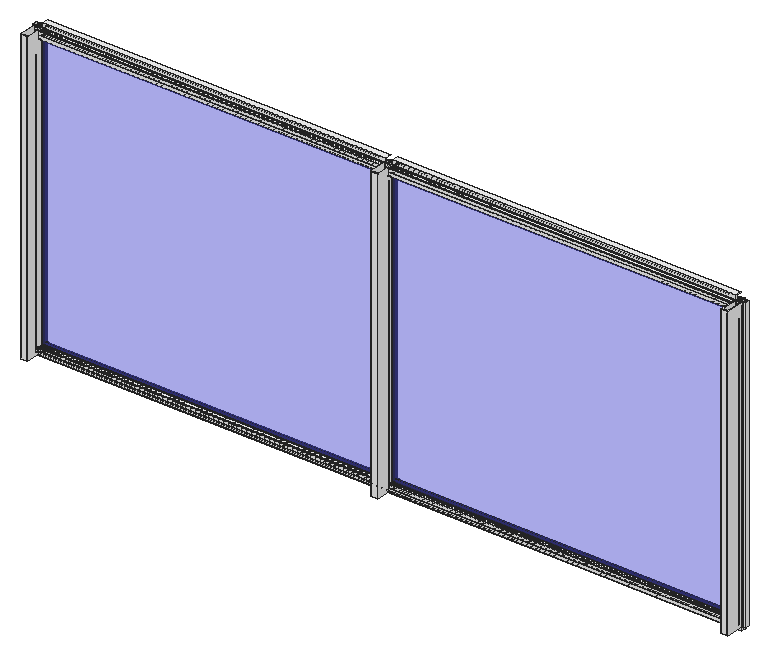
Revit family "Facade_60_Curtain_Wall_E21_Standard", category Windows, host Wall, Revit 2014
Parameters (values of type "F60-E21-6025-2000Pa")
  Windload Design [instance] = if(Custom Windload < 1001 mm, 1000 mm, if(Custom Windload < 1501 mm, 1500 mm, 2000 mm))  # 2000 mm
  Width [instance] = if(Custom Curtain Wall Width < Limit Door Width Min, Limit Door Width Min, if(Custom Curtain Wall Width > Limit Door Width Max, Limit Door Width Max, Custom Curtain Wall Width))  # 5990 mm
  Wall Thickness [instance] = 200 mm
  Vertical Profile Length [instance] = Height - Frame Bottom Gap  # 2460 mm
  URL = "http://www.crealco.co.za/crealco-products.php"
  Type Comments = ""
  Top Profile Overhang = 5.9 mm  # constant formula
  Thermal Resistance (R) [instance] = if(IGDB or SAGDB Number = 100100, 1.0000 (m²·K)/W / Intruderprufe U Value, if(IGDB or SAGDB Number = 100100, 1.0000 (m²·K)/W / Intruderprufe U Value, if(IGDB or SAGDB Number = 105003, 1.0000 (m²·K)/W / Intruderprufe Insulated U Value, if(IGDB or SAGDB Number = 105004, 1.0000 (m²·K)/W / Intruderprufe Insulated LowE U Value, 1.0000 (m²·K)/W / 7.9)))) * 1  # 0.126582 (m²·K)/W
  Thermal Break Material = Plastic, Opaque Black
  Solar Heat Gain Coefficient [instance] = if(IGDB or SAGDB Number = 100100, Intruderprufe SHGC Value, if(IGDB or SAGDB Number = 103200, Intruderprufe LowE SHGC Value, if(IGDB or SAGDB Number = 105003, Intruderprufe Insulated SHGC Value, if(IGDB or SAGDB Number = 105004, Intruderprufe Insulated LowE SHGC Value, 0))))  # 0
  Single Glazing [instance] = if(DG Forced, 1 = 0, not(Double Glazing))  # no
  Sill Height = 85 mm  # constant formula
  SG Forced [instance] = not(DG Forced)  # no
  Quarter Expansion Break = no
  Overall Width [instance] = 5990 mm
  Overall Height [instance] = 2490 mm
  Mullion Side Gap [instance] = (Width / 2) - 30 mm  # 2965 mm
  Mullion Configuration [instance] = if(Windload Design = 1000 mm, if(not(Height > 2490 mm), 1 mm, if(and(not(Height > 4990 mm), not(Width > 1790 mm)), 2 mm, 3 mm)), if(Windload Design = 1500 mm, if(Height > 2490 mm, 3 mm, if(Width > 2990 mm, 2 mm, 1 mm)), if(Height > 2490 mm, 3 mm, if(Width > 1790 mm, 2 mm, 1 mm))))  # 2 mm
  Model = "Façade 60 "  # constant formula
  Max System DG Unit Thickness = 25 mm  # constant formula
  Max System DG One Piece Thickness [instance] = rounddown((Max System DG Unit Thickness - DG Gasket Thickness) / 2 mm) * 1 mm  # 6 mm
  Max Pane Area [instance] = Glazing Width * Glazing Height  # 7.01123 m²
  Manufacturer = "Crealco"  # constant formula
  Limit Door Width Min = (2 * Limit Panel Width Min) + (2 * Glazing Side Gap) + 19.6 mm  # 699.2 mm
  Limit Door Width Max = (2 * Limit Panel Width Max) + (2 * Glazing Side Gap) + 19.6 mm  # 6099.2 mm
  Limit Door Height Min = Limit Panel Height Min + Glazing Top Gap + Glazing Bottom Gap  # 409.6 mm
  Limit Door Height Max = Limit Panel Height Max + Glazing Top Gap + Glazing Bottom Gap  # 6109.6 mm
  Limit Panel Width Min = 300 mm  # constant formula
  Limit Panel Width Max = 3000 mm  # constant formula
  Limit Panel Height Min = 300 mm  # constant formula
  Limit Panel Height Max = 6000 mm  # constant formula
  Sill Length [instance] = Width  # 5990 mm
  Length Sill [instance] = Width  # 5990 mm
  Keynote = ""
  Jamb Width = 60 mm  # constant formula
  Intruderprufe U Value = 5.73
  Intruderprufe SHGC Value = 0.738
  Intruderprufe LowE U Value = 3.99
  Intruderprufe LowE SHGC Value = 0.646
  Intruderprufe Insulated U Value = 2.97
  Intruderprufe Insulated SHGC Value = 0.634
  Intruderprufe Insulated LowE U Value = 2.27
  Intruderprufe Insulated LowE SHGC Value = 0.571
  Horizontal Profile Length [instance] = (Width - (2 * Jamb Width) - 60 mm) / 2  # 2905 mm
  Half Expansion Break = no
  Glazing Width [instance] = Horizontal Profile Length + (2 mm * 20.2)  # 2945.4 mm
  Glazing Top Gap = 39.8 mm  # constant formula
  Glazing Side Gap = 39.8 mm  # constant formula
  Glazing Height [instance] = Height - Glazing Top Gap - Glazing Bottom Gap  # 2380.4 mm
  Glazing Gap SG [instance] = (14 mm - SG Thickness) / 2  # 2 mm
  Glazing Gap DG [instance] = (28 mm - (DG Thickness + DG Thickness + DG Gasket Thickness)) / 2  # 2 mm
  Glazing Bottom Gap = 69.8 mm  # constant formula
  Frame Thickness = 101.8 mm  # constant formula
  Frame Bottom Gap = 30 mm  # constant formula
  Door Leaf Height [instance] = 2050 mm
  Double Glazing [instance] = yes
  DG Thickness Calc [instance] = if(not(Max Pane Area > 1.125 m²), 4 mm, if(not(Max Pane Area > 2.25 m²), 4 mm, if(not(Max Pane Area > 3.15 m²), 5 mm, if(not(Max Pane Area > 4.35 m²), 6 mm, if(not(Max Pane Area > 6.45 m²), 8 mm, 10 mm)))))  # 10 mm
  DG Thickness [instance] = if(IGDB or SAGDB Number = 105003, 6 mm, if(IGDB or SAGDB Number = 105004, 7 mm, if(DG Thickness Calc > Max System DG One Piece Thickness, Max System DG One Piece Thickness, DG Thickness Calc)))  # 6 mm
  DG Gasket Thickness = 12 mm  # constant formula
  DG Gasket Finish [instance] = Double Glazing Gasket Material
  DG Forced [instance] = if(IGDB or SAGDB Number = 100100, 1 = 0, if(IGDB or SAGDB Number = 103200, 1 = 0, if(IGDB or SAGDB Number = 105003, 1 = 1, if(IGDB or SAGDB Number = 105004, 1 = 1, Double Glazing))))  # yes
  IGDB or SAGDB Number [instance] = 0
  Height [instance] = if(Custom Curtain Wall Height < Limit Door Height Min, Limit Door Height Min, if(Custom Curtain Wall Height > Limit Door Height Max, Limit Door Height Max, Custom Curtain Wall Height))  # 2490 mm
  Heat Transfer Coefficient (U) [instance] = if(IGDB or SAGDB Number = 100100, Intruderprufe U Value, if(IGDB or SAGDB Number = 103200, Intruderprufe LowE U Value, if(IGDB or SAGDB Number = 105003, Intruderprufe Insulated U Value, if(IGDB or SAGDB Number = 105004, Intruderprufe Insulated LowE U Value, 7.9)))) * 1.0000 W/(m²·K)  # 7.9000 W/(m²·K)
  SG Thickness [instance] = if(IGDB or SAGDB Number = 100100, 6 mm, if(IGDB or SAGDB Number = 103200, 7 mm, if(not(Max Pane Area > 0.75 m²), 4 mm, if(not(Max Pane Area > 1.50 m²), 4 mm, if(not(Max Pane Area > 2.10 m²), 5 mm, if(not(Max Pane Area > 2.90 m²), 6.4 mm, if(not(Max Pane Area > 4.30 m²), 8 mm, 10 mm)))))))  # 10 mm
  Glazing Material [instance] = if(IGDB or SAGDB Number = 100100, "PFG INTRUDERPRUFE 6.38mm", if(IGDB or SAGDB Number = 103200, "PFG INTRUDERPRUFE LOW-E 7.38mm", if(IGDB or SAGDB Number = 105003, "PFG 25mm INTRUDERPRUFE INSULATED GLASS", if(IGDB or SAGDB Number = 105004, "PFG 25mm INTRUDERPRUFE INSULATED GLASS LOW-E", "Unknown"))))  # "Unknown"
  Glazing Finish [instance] = Glass
  Glazing Code [instance] = if(IGDB or SAGDB Number = 100100, "LAM01", if(IGDB or SAGDB Number = 103200, "LAM01E", if(IGDB or SAGDB Number = 105003, "IGU25", if(IGDB or SAGDB Number = 105004, "IGU25E", "Unknown"))))  # "Unknown"
  Frame Offset From Exterior [instance] = if(Centered In Wall, (Wall Thickness - Frame Thickness) / 2, Custom Offset From Exterior) + 5.9 mm  # 55 mm
  Description = "Curtain wall, E21"  # constant formula
  Default Sill Height = 0 mm
  Wall Closure = By host
  Custom Curtain Wall Width = 5990 mm
  Custom Curtain Wall Height = 2490 mm
  Custom Windload = 2000 mm
  Custom Offset From Exterior = 0 mm
  Centered In Wall [instance] = 1 = 1  # yes
  Aluminium Finish [instance] = White Powder Coated Aluminium ANP 1052
  All Available Glazing Numbers [instance] = "The rows below list the available glazing materials for this window:"  # constant formula
  190mm Mullion [instance] = if(Mullion Configuration = 3 mm, 1 = 1, 1 = 0)  # no
  160mm Mullion [instance] = if(Mullion Configuration = 2 mm, 1 = 1, 1 = 0)  # yes
  105004 [instance] = "IGU25E"  # constant formula
  105003 [instance] = "IGU25"  # constant formula
  103200 [instance] = "LAM01E"  # constant formula
  100mm Mullion [instance] = if(or(Mullion Configuration = 2 mm, Mullion Configuration = 3 mm), 1 = 0, 1 = 1)  # no
  100100 [instance] = "LAM01"  # constant formula
Reference planes
  plane 1 "Center (Front/Back)": y = 0
  plane 2 "Center (Left/Right)": x = 0
  plane 3 "Left": x = -2995
  plane 4 "Right": x = 2995
  plane 5 "Sill": z = 0
  plane 6 "Head": z = 2490
  plane 7 "Exterior": y = 100
  plane 8 "Interior": y = -100
Lines and regions (mm)
  Opening 1
    outline origin (3507.082, -100, 0) x (1, 0, 0) y (0, 0, 1)
      loop
        line (-512.082, 0) -> (-512.082, 2490) -> (-6502.082, 2490) -> (-6502.082, 0) -> (-512.082, 0)
Text (mm)
  text "EXTERIOR" at (-1963.203, 1332.353, 0), in view "Ref. Level"
  text "INTERIOR" at (-1981.466, -818.386, 0), in view "Ref. Level"
  text "Exterior" at (0, 923.751, 2943.296), in view "Right"
  text "Exterior" at (0, 1040.484, 2685.409), in view "Left"
Dimensions and locks
  equal spacing: plane 3 "Left", plane 2 "Center (Left/Right)", plane 4 "Right"
  "Width": plane 3 "Left" to plane 4 "Right"
  "Height": plane 5 "Sill" to plane 6 "Head"
  "Default Sill Height": plane 5 "Sill" to level
  locked: plane 7 "Exterior" to host wall at 0
  locked: plane 8 "Interior" to host wall
  "Overall Height": plane 6 "Head" to plane 5 "Sill"
  "Overall Width": plane 3 "Left" to plane 4 "Right"
  "Wall Thickness": host wall to host wall
  "Jamb Width": nested 3 to plane 4 "Right"
  "Jamb Width": nested 5 to plane 4 "Right"
  "Frame Bottom Gap": nested 5 to level
  "Frame Offset From Exterior": nested 1 to plane 7 "Exterior"
  "Glazing Side Gap": nested 6 to plane 4 "Right"
  "Glazing Top Gap": nested 6 to plane 6 "Head"
  "Glazing Gap SG": nested 6 to nested 1
  "Glazing Side Gap": nested 7 to plane 4 "Right"
  "Glazing Top Gap": nested 7 to plane 6 "Head"
  "Glazing Gap DG": nested 7 to nested 1
  "Mullion Side Gap": nested 8 to plane 4 "Right"
  "Frame Bottom Gap": nested 8 to level
  "Jamb Width": plane 3 "Left" to nested 10
  "Jamb Width": plane 3 "Left" to nested 9
  "Glazing Side Gap": plane 3 "Left" to nested 11
  "Glazing Side Gap": plane 3 "Left" to nested 12
  "Glazing Gap SG": nested 2 to nested 12
  "Glazing Gap DG": nested 2 to nested 11
  "Glazing Bottom Gap": nested 11 to level
  "Glazing Bottom Gap": nested 12 to level
  "Frame Bottom Gap": nested 9 to level
  aligned and locked: plane 4 "Right" to nested 1
  aligned and locked: plane 6 "Head" to nested 1
  aligned and locked: plane 3 "Left" to nested 2
  aligned and locked: plane 6 "Head" to nested 2
  aligned and locked: nested 3 to plane 6 "Head"
  aligned and locked: nested 4 to level
  aligned and locked: plane 4 "Right" to nested 4
  aligned and locked: nested 1 to nested 2
  aligned and locked: nested 5 to nested 4
  aligned and locked: nested 8 to nested 2
  aligned and locked: nested 10 to plane 6 "Head"
  aligned and locked: nested 5 to nested 10
  aligned and locked: nested 5 to nested 9
  aligned and locked: nested 10 to nested 3
  aligned and locked: nested 10 to nested 2
Automatic sketch dimensions
  plane 3 "Left" to Opening 1 sketch curve = 0 mm
  plane 4 "Right" to Opening 1 sketch curve = 0 mm
  Opening 1 sketch curve to plane 5 "Sill" = 0 mm
  Opening 1 sketch curve to plane 6 "Head" = 0 mm
Nested families
  nested 1: "F60 Vertical Profile Side_E21_Std" at (2995, -1.058, 30) x (-1, 0, 0) z (0, 0, 1), Thermal Break Material <- "Thermal Break Material", Profile Material <- "Aluminium Finish", Length <- "Vertical Profile Length", Single Glazing <- "SG Forced", Double Glazing <- "DG Forced", 100mm Mullion <- "100mm Mullion", 160mm Mullion <- "160mm Mullion", 190mm Mullion <- "190mm Mullion", Quarter Expansion Break <- "Quarter Expansion Break", Half Expansion Break <- "Half Expansion Break", type "F60 Vertical Profile Side_E21_Std"
    with Thermal Break Material Plastic, Opaque Black, Single Glazing no, Quarter SG Expansion Break no, Quarter Length 615 mm, Quarter Expansion Break no, Quarter DG Expansion Break no, Quarter 190mm Expansion Break no, Quarter 160mm Expansion Break no, Quarter 100mm Expansion Break no, Profile Material White Powder Coated Aluminium ANP 1052, Length 2460 mm, Half SG Expansion Break no, Half Length 1230 mm, Half Expansion Break no, Half DG Expansion Break no, Half 190mm Expansion Joint no, Half 160mm Expansion Break no, Half 100mm Expansion Break no, Double Glazing yes, 190mm Mullion no, 160mm Mullion yes, 100mm Mullion no
  nested 2: "F60 Vertical Profile Side_E21_Std" at (-2995, -1.058, 30), Thermal Break Material <- "Thermal Break Material", Profile Material <- "Aluminium Finish", Length <- "Vertical Profile Length", Single Glazing <- "SG Forced", Double Glazing <- "DG Forced", 100mm Mullion <- "100mm Mullion", 160mm Mullion <- "160mm Mullion", 190mm Mullion <- "190mm Mullion", Quarter Expansion Break <- "Quarter Expansion Break", Half Expansion Break <- "Half Expansion Break", type "F60 Vertical Profile Side_E21_Std"
    with Thermal Break Material Plastic, Opaque Black, Single Glazing no, Quarter SG Expansion Break no, Quarter Length 615 mm, Quarter Expansion Break no, Quarter DG Expansion Break no, Quarter 190mm Expansion Break no, Quarter 160mm Expansion Break no, Quarter 100mm Expansion Break no, Profile Material White Powder Coated Aluminium ANP 1052, Length 2460 mm, Half SG Expansion Break no, Half Length 1230 mm, Half Expansion Break no, Half DG Expansion Break no, Half 190mm Expansion Joint no, Half 160mm Expansion Break no, Half 100mm Expansion Break no, Double Glazing yes, 190mm Mullion no, 160mm Mullion yes, 100mm Mullion no
  nested 3: "F60 Horizontal Profile Top_E21_Std" at (2935, -50.858, 2430) x (-1, 0, 0) z (0, 0, 1), Thermal Break Material <- "Thermal Break Material", Profile Material <- "Aluminium Finish", Length <- "Horizontal Profile Length", Single Glazing <- "SG Forced", Double Glazing <- "DG Forced", type "F60 Horizontal Profile Top_E21_Std"
    with Thermal Break Material Plastic, Opaque Black, Single Glazing no, Profile Material White Powder Coated Aluminium ANP 1052, Length 2905 mm, Double Glazing yes
  nested 4: "F60 Sill_E21_Std" at (2995, -13.486, -1.88) x (-1, 0, 0) z (0, 0, 1), Profile Material <- "Aluminium Finish", Length Sill <- "Length Sill", type "F60 Sill_E21_Std"
    with Profile Material White Powder Coated Aluminium ANP 1052, Length Sill 5990 mm
  nested 5: "F60 Horizontal Profile Bottom_E21_Std" at (2935, -50.858, 30) x (-1, 0, 0) z (0, 0, 1), Thermal Break Material <- "Thermal Break Material", Profile Material <- "Aluminium Finish", Length <- "Horizontal Profile Length", Single Glazing <- "SG Forced", Double Glazing <- "DG Forced", type "F60 Horizontal Profile Bottom_E21_Std"
    with Thermal Break Material Plastic, Opaque Black, Single Glazing no, Profile Material White Powder Coated Aluminium ANP 1052, Length 2905 mm, Double Glazing yes
  nested 6: "F60_Single_Glazing_E21_Std" at (2955.2, 10.942, 69.8), Glazing Width <- "Glazing Width", Glazing Height <- "Glazing Height", SG Thickness <- "SG Thickness", Glazing Finish <- "Glazing Finish", visible <- "SG Forced", type "F60_Single_Glazing_E21_Std"
    with SG Thickness 10 mm, Glazing Width 2945.4 mm, Glazing Height 2380.4 mm, Glazing Finish Glass
  nested 7: "F60_Double_Glazing_E21_Std" at (2955.2, 24.942, 69.8), Glazing Material <- "Glazing Finish", Double Glazing Gasket Material <- "DG Gasket Finish", Glazing Width <- "Glazing Width", Glazing Height <- "Glazing Height", Glazing Thickness DG <- "DG Thickness", Double Glazing Gasket Thickness <- "DG Gasket Thickness", visible <- "DG Forced", type "F60_Double_Glazing_E21_Std"
    with Glazing Width 2945.4 mm, Glazing Thickness DG 6 mm, Glazing Material Glass, Glazing Height 2380.4 mm, Double Glazing Gasket Thickness 12 mm, Double Glazing Gasket Material Double Glazing Gasket Material
  nested 8: "F60 Vertical Profile Middle_E21_Std" at (30, -1.058, 30) x (-1, 0, 0) z (0, 0, 1), Thermal Break Material <- "Thermal Break Material", Profile Material <- "Aluminium Finish", Single Glazing <- "SG Forced", Double Glazing <- "DG Forced", 190mm Mullion <- "190mm Mullion", 160mm Mullion <- "160mm Mullion", 100mm Mullion <- "100mm Mullion", Length <- "Vertical Profile Length", Half Expansion Break <- "Half Expansion Break", Quarter Expansion Break <- "Quarter Expansion Break", type "F60 Vertical Profile Middle_E21_Std"
    with Thermal Break Material Plastic, Opaque Black, Single Glazing no, Quarter SG Expansion Break no, Quarter Length 615 mm, Quarter Expansion Break no, Quarter DG Expansion Break no, Quarter 190mm Expansion Break no, Quarter 160mm Expansion Break no, Quarter 100mm Expansion Break no, Profile Material White Powder Coated Aluminium ANP 1052, Length 2460 mm, Half SG Expansion Break no, Half Length 1230 mm, Half Expansion Break no, Half DG Expansion Break no, Half 190mm Expansion Joint no, Half 160mm Expansion Break no, Half 100mm Expansion Break no, Double Glazing yes, 190mm Mullion no, 160mm Mullion yes, 100mm Mullion no
  nested 9: "F60 Horizontal Profile Bottom_E21_Std" at (-30, -50.858, 30) x (-1, 0, 0) z (0, 0, 1), Thermal Break Material <- "Thermal Break Material", Profile Material <- "Aluminium Finish", Length <- "Horizontal Profile Length", Single Glazing <- "SG Forced", Double Glazing <- "DG Forced", type "F60 Horizontal Profile Bottom_E21_Std"
    with Thermal Break Material Plastic, Opaque Black, Single Glazing no, Profile Material White Powder Coated Aluminium ANP 1052, Length 2905 mm, Double Glazing yes
  nested 10: "F60 Horizontal Profile Top_E21_Std" at (-30, -50.858, 2430) x (-1, 0, 0) z (0, 0, 1), Thermal Break Material <- "Thermal Break Material", Profile Material <- "Aluminium Finish", Length <- "Horizontal Profile Length", Single Glazing <- "SG Forced", Double Glazing <- "DG Forced", type "F60 Horizontal Profile Top_E21_Std"
    with Thermal Break Material Plastic, Opaque Black, Single Glazing no, Profile Material White Powder Coated Aluminium ANP 1052, Length 2905 mm, Double Glazing yes
  nested 11: "F60_Double_Glazing_E21_Std" at (-9.8, 24.942, 69.8), Glazing Material <- "Glazing Finish", Double Glazing Gasket Material <- "DG Gasket Finish", Glazing Width <- "Glazing Width", Glazing Height <- "Glazing Height", Glazing Thickness DG <- "DG Thickness", Double Glazing Gasket Thickness <- "DG Gasket Thickness", visible <- "DG Forced", type "F60_Double_Glazing_E21_Std"
    with Glazing Width 2945.4 mm, Glazing Thickness DG 6 mm, Glazing Material Glass, Glazing Height 2380.4 mm, Double Glazing Gasket Thickness 12 mm, Double Glazing Gasket Material Double Glazing Gasket Material
  nested 12: "F60_Single_Glazing_E21_Std" at (-9.8, 10.942, 69.8), Glazing Width <- "Glazing Width", Glazing Height <- "Glazing Height", SG Thickness <- "SG Thickness", Glazing Finish <- "Glazing Finish", visible <- "SG Forced", type "F60_Single_Glazing_E21_Std"
    with SG Thickness 10 mm, Glazing Width 2945.4 mm, Glazing Height 2380.4 mm, Glazing Finish Glass
Definition of nested family "F60 Vertical Profile Side_E21_Std"
  Parameters (values of type "F60 Vertical Profile Side")
    Quarter SG Expansion Break [instance] = if(and(Quarter Expansion Break, Single Glazing), 1 = 1, 1 = 0)  # yes
    Quarter Length [instance] = Length / 4  # 62.5 mm
    Thermal Break Material [instance] = none
    Single Glazing [instance] = yes
    Quarter Expansion Break [instance] = yes
    Quarter DG Expansion Break [instance] = if(and(Quarter Expansion Break, Double Glazing), 1 = 1, 1 = 0)  # yes
    Quarter 190mm Expansion Break [instance] = if(and(Quarter Expansion Break, [190mm Mullion]), 1 = 1, 1 = 0)  # yes
    Quarter 160mm Expansion Break [instance] = if(and(Quarter Expansion Break, [160mm Mullion]), 1 = 1, 1 = 0)  # yes
    Quarter 100mm Expansion Break [instance] = if(and(Quarter Expansion Break, [100mm Mullion]), 1 = 1, 1 = 0)  # yes
    Profile Material [instance] = none
    Length [instance] = 250 mm
    Half SG Expansion Break [instance] = if(and(Half Expansion Break, Single Glazing), 1 = 1, 1 = 0)  # yes
    Half Length [instance] = Length / 2  # 125 mm
    Half Expansion Break [instance] = yes
    Half DG Expansion Break [instance] = if(and(Half Expansion Break, Double Glazing), 1 = 1, 1 = 0)  # yes
    Half 190mm Expansion Joint [instance] = if(and(Half Expansion Break, [190mm Mullion]), 1 = 1, 1 = 0)  # yes
    Half 160mm Expansion Break [instance] = if(and(Half Expansion Break, [160mm Mullion]), 1 = 1, 1 = 0)  # yes
    Half 100mm Expansion Break [instance] = if(and(Half Expansion Break, [100mm Mullion]), 1 = 1, 1 = 0)  # yes
    Double Glazing [instance] = yes
    190mm Mullion [instance] = yes
    160mm Mullion [instance] = yes
    100mm Mullion [instance] = yes
  Reference planes
    plane 1 "Center (Front/Back)": y = 0
    plane 2: z = 0
    plane 3 "Center (Left/Right)": x = 0
  Forms (mm)
    Extrusion 1, solid, material <- "Profile Material"
      sketch origin (0, 0, 0) x (1, 0, 0) y (0, 1, 0)
        loop
          arc (25.249, -8.7) -> (25.484, -9.266) -> (26.049, -9.5) r 0.8
          line (26.049, -9.5) -> (27.1, -9.5) -> (27.1, 7) -> (32.902, 7) -> (32.902, -9.5) -> (33.951, -9.5)
          arc (33.951, -9.5) -> (34.516, -9.266) -> (34.751, -8.7) r 0.8
          line (34.751, -8.7) -> (34.751, 6.2)
          arc (34.751, 6.2) -> (34.985, 6.766) -> (35.551, 7) r 0.8
          line (35.551, 7) -> (52.1, 7) -> (52.1, 5.4) -> (50.55, 5.4) -> (50.55, 4.55)
          arc (50.55, 4.55) -> (50.726, 4.126) -> (51.15, 3.95) r 0.6
          line (51.15, 3.95) -> (52.1, 3.95) -> (52.1, 1)
          arc (52.1, 1) -> (51.6, 0.5) -> (52.1, 0) r 0.5
          line (52.1, 0) -> (54.45, 0) -> (54.45, 1.15) -> (53.3, 1.15) -> (53.3, 2.45) -> (58.8, 2.45) -> (58.8, 1.15) -> (57.65, 1.15) -> (57.65, 0) -> (59.5, 0)
          arc (59.5, 0) -> (59.854, 0.146) -> (60, 0.5) r 0.5
          line (60, 0.5) -> (60, 3.9) -> (53.55, 3.9) -> (53.55, 7.6)
          arc (53.55, 7.6) -> (53.316, 8.166) -> (52.75, 8.4) r 0.8
          line (52.75, 8.4) -> (30, 8.4) -> (7.25, 8.4)
          arc (7.25, 8.4) -> (6.684, 8.166) -> (6.45, 7.6) r 0.8
          line (6.45, 7.6) -> (6.45, 3.9) -> (0, 3.9) -> (0, 0.5)
          arc (0, 0.5) -> (0.146, 0.146) -> (0.5, 0) r 0.5
          line (0.5, 0) -> (2.35, 0) -> (2.35, 1.15) -> (1.2, 1.15) -> (1.2, 2.45) -> (6.7, 2.45) -> (6.7, 1.15) -> (5.55, 1.15) -> (5.55, 0) -> (7.9, 0)
          arc (7.9, 0) -> (8.4, 0.5) -> (7.9, 1) r 0.5
          line (7.9, 1) -> (7.9, 3.95) -> (8.85, 3.95)
          arc (8.85, 3.95) -> (9.274, 4.126) -> (9.45, 4.55) r 0.6
          line (9.45, 4.55) -> (9.45, 5.4) -> (7.9, 5.4) -> (7.9, 7) -> (24.449, 7)
          arc (24.449, 7) -> (25.015, 6.766) -> (25.249, 6.2) r 0.8
          line (25.249, 6.2) -> (25.249, -8.7)
      from 0 to 250 <- "Length"
    Extrusion 2, solid, material <- "Thermal Break Material"
      sketch origin (0, 0, 0) x (1, 0, 0) y (0, 1, 0)
        loop
          line (1.75, 9.8) -> (1.75, 5.2) -> (0, 5.2) -> (0, 3.9) -> (6.35, 3.9) -> (6.35, 7.856)
          arc (6.35, 7.856) -> (6.526, 8.281) -> (6.95, 8.456) r 0.6
          line (6.95, 8.456) -> (30, 8.456) -> (53.05, 8.456)
          arc (53.05, 8.456) -> (53.474, 8.281) -> (53.65, 7.856) r 0.6
          line (53.65, 7.856) -> (53.65, 3.9) -> (60, 3.9) -> (60, 5.2) -> (58.25, 5.2) -> (58.25, 9.8) -> (30, 9.8) -> (1.75, 9.8)
      from 0 to 250 <- "Length"
    Extrusion 3, solid, material <- "Thermal Break Material", visible <- "Single Glazing"
      sketch origin (0, 0, 0) x (1, 0, 0) y (0, 1, 0)
        loop
          line (25.749, -14.011) -> (27.672, -14.011) -> (28.481, -12.611) -> (31.518, -12.611) -> (32.327, -14.011) -> (34.249, -14.011)
          arc (34.249, -14.011) -> (34.603, -13.864) -> (34.749, -13.511) r 0.5
          line (34.749, -13.511) -> (34.749, -10.011)
          arc (34.749, -10.011) -> (34.603, -9.657) -> (34.249, -9.511) r 0.5
          line (34.249, -9.511) -> (32.352, -9.511) -> (32.352, 0.19) -> (31.349, 2.261)
          arc (31.349, 2.261) -> (29.999, 2.986) -> (28.649, 2.261) r 1.62
          line (28.649, 2.261) -> (27.647, 0.19) -> (27.647, -9.511) -> (25.749, -9.511)
          arc (25.749, -9.511) -> (25.396, -9.657) -> (25.249, -10.011) r 0.5
          line (25.249, -10.011) -> (25.249, -13.511)
          arc (25.249, -13.511) -> (25.396, -13.864) -> (25.749, -14.011) r 0.5
        loop
          line (28.504, -10.005) -> (28.504, -10.861)
          arc (28.504, -10.861) -> (28.651, -11.214) -> (29.004, -11.361) r 0.5
          line (29.004, -11.361) -> (30.994, -11.361)
          arc (30.994, -11.361) -> (31.348, -11.214) -> (31.494, -10.861) r 0.5
          line (31.494, -10.861) -> (31.494, -10.005) -> (30.708, -9.219)
          arc (30.708, -9.219) -> (30.383, -9.001) -> (29.999, -8.924) r 1.007
          arc (29.999, -8.924) -> (29.616, -8.999) -> (29.292, -9.217) r 0.986
          line (29.292, -9.217) -> (28.504, -10.005)
        loop
          arc (30.896, 1.935) -> (29.887, 2.44) -> (29.005, 1.735) r 1.047
          line (29.005, 1.735) -> (28.347, 0.374) -> (28.347, -6.993)
          arc (28.347, -6.993) -> (28.583, -7.417) -> (29.068, -7.441) r 0.5
          arc (29.068, -7.441) -> (29.999, -7.223) -> (30.93, -7.441) r 2.099
          arc (30.93, -7.441) -> (31.416, -7.417) -> (31.652, -6.993) r 0.5
          line (31.652, -6.993) -> (31.652, 0.374) -> (30.896, 1.935)
      from 0 to 250 <- "Length"
    Extrusion 4, solid, material <- "Profile Material", visible <- "Single Glazing"
      sketch origin (0, 0, 0) x (1, 0, 0) y (0, 1, 0)
        loop
          line (52.693, -14.011) -> (32.327, -14.011) -> (31.519, -12.611) -> (28.481, -12.611) -> (27.673, -14.011) -> (7.307, -14.011) -> (7.307, -15.011) -> (8.457, -15.011) -> (8.457, -16.261) -> (2.957, -16.261) -> (2.957, -15.011) -> (4.107, -15.011) -> (4.107, -14.011) -> (1.707, -14.011)
          arc (1.707, -14.011) -> (1.199, -14.293) -> (1.168, -14.873) r 0.6
          line (1.168, -14.873) -> (2.093, -16.772) -> (1.015, -17.298) -> (1.484, -18.261) -> (11.488, -18.261)
          arc (11.488, -18.261) -> (11.913, -18.085) -> (12.088, -17.661) r 0.6
          line (12.088, -17.661) -> (12.088, -16.811) -> (47.912, -16.811) -> (47.912, -17.661)
          arc (47.912, -17.661) -> (48.088, -18.085) -> (48.512, -18.261) r 0.6
          line (48.512, -18.261) -> (58.518, -18.261) -> (58.987, -17.298) -> (57.908, -16.772) -> (58.834, -14.874)
          arc (58.834, -14.874) -> (58.802, -14.293) -> (58.293, -14.011) r 0.6
          line (58.293, -14.011) -> (55.893, -14.011) -> (55.893, -15.011) -> (57.043, -15.011) -> (57.043, -16.261) -> (51.543, -16.261) -> (51.543, -15.011) -> (52.693, -15.011) -> (52.693, -14.011)
      from 0 to 250 <- "Length"
    Extrusion 5, solid, material <- "Profile Material", visible <- "Single Glazing"
      sketch origin (0, 0, 0) x (1, 0, 0) y (0, 1, 0)
        loop
          line (2.801, -18.261) -> (1.484, -18.261) -> (1.015, -17.298) -> (2.093, -16.772) -> (0.779, -14.076)
          arc (0.779, -14.076) -> (0.239, -14.21) -> (0.001, -14.713) r 0.65
          line (0.001, -14.713) -> (0.001, -28.068)
          arc (0.001, -28.068) -> (1.172, -30.897) -> (4.001, -32.068) r 4
          line (4.001, -32.068) -> (30.001, -32.068) -> (56.001, -32.068)
          arc (56.001, -32.068) -> (58.829, -30.897) -> (60.001, -28.068) r 4
          line (60.001, -28.068) -> (60.001, -14.713)
          arc (60.001, -14.713) -> (59.763, -14.21) -> (59.223, -14.076) r 0.65
          line (59.223, -14.076) -> (57.908, -16.772) -> (58.987, -17.298) -> (58.518, -18.261) -> (57.201, -18.261)
          arc (57.201, -18.261) -> (56.83, -18.425) -> (56.703, -18.811) r 0.5
          arc (56.703, -18.811) -> (56.83, -19.196) -> (57.201, -19.361) r 0.5
          line (57.201, -19.361) -> (58.951, -19.361) -> (58.951, -27.968)
          arc (58.951, -27.968) -> (58.131, -29.948) -> (56.151, -30.768) r 2.8
          line (56.151, -30.768) -> (30.001, -30.768) -> (3.851, -30.768)
          arc (3.851, -30.768) -> (1.871, -29.948) -> (1.051, -27.968) r 2.8
          line (1.051, -27.968) -> (1.051, -19.361) -> (2.801, -19.361)
          arc (2.801, -19.361) -> (3.172, -19.196) -> (3.298, -18.811) r 0.5
          arc (3.298, -18.811) -> (3.172, -18.425) -> (2.801, -18.261) r 0.5
      from 0 to 250 <- "Length"
    Extrusion 6, solid, material <- "Profile Material", visible <- "100mm Mullion"
      sketch origin (0, 0, 0) x (1, 0, 0) y (0, 1, 0)
        loop
          line (14.02, 13) -> (45.98, 13)
          arc (45.98, 13) -> (46.539, 12.842) -> (46.917, 12.4) r 1
          arc (46.917, 12.4) -> (47.285, 11.963) -> (47.833, 11.8) r 1
          line (47.833, 11.8) -> (58.15, 11.8) -> (58.15, 96.3) -> (47.833, 96.3)
          arc (47.833, 96.3) -> (47.285, 96.137) -> (46.917, 95.7) r 1
          arc (46.917, 95.7) -> (46.548, 95.263) -> (46, 95.1) r 1
          line (46, 95.1) -> (14, 95.1)
          arc (14, 95.1) -> (13.452, 95.263) -> (13.083, 95.7) r 1
          arc (13.083, 95.7) -> (12.715, 96.137) -> (12.167, 96.3) r 1
          line (12.167, 96.3) -> (1.85, 96.3) -> (1.85, 11.8) -> (12.167, 11.8)
          arc (12.167, 11.8) -> (12.715, 11.963) -> (13.083, 12.4) r 1
          arc (13.083, 12.4) -> (13.461, 12.842) -> (14.02, 13) r 1
        loop
          line (1.65, 9.856) -> (58.35, 9.856) -> (58.35, 5.2) -> (60, 5.2) -> (60, 98.8)
          arc (60, 98.8) -> (59.707, 99.507) -> (59, 99.8) r 1
          line (59, 99.8) -> (1, 99.8)
          arc (1, 99.8) -> (0.293, 99.507) -> (0, 98.8) r 1
          line (0, 98.8) -> (0, 5.2) -> (1.65, 5.2) -> (1.65, 9.856)
      from 0 to 250 <- "Length"
    Extrusion 7, solid, material <- "Profile Material", visible <- "160mm Mullion"
      sketch origin (0, 0, 0) x (1, 0, 0) y (0, 1, 0)
        loop
          arc (2.35, 15.6) -> (2.526, 15.176) -> (2.95, 15) r 0.6
          line (2.95, 15) -> (57.05, 15)
          arc (57.05, 15) -> (57.474, 15.176) -> (57.65, 15.6) r 0.6
          line (57.65, 15.6) -> (57.65, 153.7)
          arc (57.65, 153.7) -> (57.474, 154.124) -> (57.05, 154.3) r 0.6
          line (57.05, 154.3) -> (47.833, 154.3)
          arc (47.833, 154.3) -> (47.285, 154.137) -> (46.917, 153.7) r 1
          arc (46.917, 153.7) -> (46.548, 153.263) -> (46, 153.1) r 1
          line (46, 153.1) -> (14, 153.1)
          arc (14, 153.1) -> (13.452, 153.263) -> (13.083, 153.7) r 1
          arc (13.083, 153.7) -> (12.715, 154.137) -> (12.167, 154.3) r 1
          line (12.167, 154.3) -> (2.95, 154.3)
          arc (2.95, 154.3) -> (2.526, 154.124) -> (2.35, 153.7) r 0.6
          line (2.35, 153.7) -> (2.35, 15.6)
        loop
          arc (1, 159.8) -> (0.293, 159.507) -> (0, 158.8) r 1
          line (0, 158.8) -> (0, 5.2) -> (1.65, 5.2) -> (1.65, 10.013) -> (58.35, 10.013) -> (58.35, 5.2) -> (60, 5.2) -> (60, 158.8)
          arc (60, 158.8) -> (59.707, 159.507) -> (59, 159.8) r 1
          line (59, 159.8) -> (1, 159.8)
      from 0 to 250 <- "Length"
    Extrusion 8, solid, material <- "Profile Material", visible <- "190mm Mullion"
      sketch origin (0, 0, 0) x (1, 0, 0) y (0, 1, 0)
        loop
          line (57.25, 15.1) -> (57.25, 178.3)
          arc (57.25, 178.3) -> (56.957, 179.007) -> (56.25, 179.3) r 1
          line (56.25, 179.3) -> (3.75, 179.3)
          arc (3.75, 179.3) -> (3.043, 179.007) -> (2.75, 178.3) r 1
          line (2.75, 178.3) -> (2.75, 15.1)
          arc (2.75, 15.1) -> (2.984, 14.534) -> (3.55, 14.3) r 0.8
          line (3.55, 14.3) -> (56.45, 14.3)
          arc (56.45, 14.3) -> (57.016, 14.534) -> (57.25, 15.1) r 0.8
        loop
          line (60, 5.2) -> (60, 188.8)
          arc (60, 188.8) -> (59.707, 189.507) -> (59, 189.8) r 1
          line (59, 189.8) -> (1, 189.8)
          arc (1, 189.8) -> (0.293, 189.507) -> (0, 188.8) r 1
          line (0, 188.8) -> (0, 5.2) -> (1.65, 5.2) -> (1.65, 9.856) -> (58.35, 9.856) -> (58.35, 5.2) -> (60, 5.2)
      from 0 to 250 <- "Length"
    Extrusion 9, solid, material <- "Thermal Break Material", visible <- "Double Glazing"
      sketch origin (0, 0, 0) x (1, 0, 0) y (0, 1, 0)
        loop
          line (27.672, -28) -> (28.48, -26.6) -> (31.518, -26.6) -> (32.326, -28) -> (34.249, -28)
          arc (34.249, -28) -> (34.603, -27.854) -> (34.749, -27.5) r 0.5
          line (34.749, -27.5) -> (34.749, -10)
          arc (34.749, -10) -> (34.603, -9.646) -> (34.249, -9.5) r 0.5
          line (34.249, -9.5) -> (32.352, -9.5) -> (32.352, 0.198) -> (31.348, 2.272)
          arc (31.348, 2.272) -> (29.998, 2.997) -> (28.648, 2.272) r 1.62
          line (28.648, 2.272) -> (27.645, 0.201) -> (27.645, -9.5) -> (25.749, -9.5)
          arc (25.749, -9.5) -> (25.396, -9.646) -> (25.249, -10) r 0.5
          line (25.249, -10) -> (25.249, -27.5)
          arc (25.249, -27.5) -> (25.396, -27.854) -> (25.749, -28) r 0.5
          line (25.749, -28) -> (27.672, -28)
        loop
          arc (30.706, -9.206) -> (30.382, -8.99) -> (29.999, -8.913) r 1.007
          arc (29.999, -8.913) -> (29.616, -8.988) -> (29.292, -9.206) r 0.986
          line (29.292, -9.206) -> (27.142, -11.356)
          arc (27.142, -11.356) -> (26.926, -11.68) -> (26.849, -12.063) r 1
          line (26.849, -12.063) -> (26.849, -24)
          arc (26.849, -24) -> (27.142, -24.707) -> (27.849, -25) r 1
          line (27.849, -25) -> (32.149, -25)
          arc (32.149, -25) -> (32.856, -24.707) -> (33.149, -24) r 1
          line (33.149, -24) -> (33.149, -12.063)
          arc (33.149, -12.063) -> (33.073, -11.68) -> (32.856, -11.356) r 1
          line (32.856, -11.356) -> (30.706, -9.206)
        loop
          arc (28.345, -6.982) -> (28.581, -7.407) -> (29.067, -7.43) r 0.5
          arc (29.067, -7.43) -> (29.998, -7.213) -> (30.929, -7.43) r 2.099
          arc (30.929, -7.43) -> (31.414, -7.407) -> (31.651, -6.982) r 0.5
          line (31.651, -6.982) -> (31.651, 0.385) -> (30.895, 1.946)
          arc (30.895, 1.946) -> (29.885, 2.45) -> (29.004, 1.745) r 1.047
          line (29.004, 1.745) -> (28.345, 0.385) -> (28.345, -6.982)
      from 0 to 250 <- "Length"
    Extrusion 10, solid, material <- "Profile Material", visible <- "Double Glazing"
      sketch origin (0, 0, 0) x (1, 0, 0) y (0, 1, 0)
        loop
          line (52.692, -28) -> (32.327, -28) -> (31.518, -26.6) -> (28.48, -26.6) -> (27.672, -28) -> (7.306, -28) -> (7.306, -29) -> (8.456, -29) -> (8.456, -30.25) -> (2.956, -30.25) -> (2.956, -29) -> (4.106, -29) -> (4.106, -28) -> (1.706, -28)
          arc (1.706, -28) -> (1.198, -28.282) -> (1.167, -28.863) r 0.6
          line (1.167, -28.863) -> (2.093, -30.762) -> (1.014, -31.288) -> (1.483, -32.25) -> (11.488, -32.25)
          arc (11.488, -32.25) -> (11.912, -32.074) -> (12.088, -31.65) r 0.6
          line (12.088, -31.65) -> (12.088, -30.8) -> (47.911, -30.8) -> (47.911, -31.65)
          arc (47.911, -31.65) -> (48.087, -32.074) -> (48.511, -32.25) r 0.6
          line (48.511, -32.25) -> (58.517, -32.25) -> (58.986, -31.288) -> (57.907, -30.762) -> (58.833, -28.864)
          arc (58.833, -28.864) -> (58.801, -28.282) -> (58.292, -28) r 0.6
          line (58.292, -28) -> (55.892, -28) -> (55.892, -29) -> (57.042, -29) -> (57.042, -30.25) -> (51.542, -30.25) -> (51.542, -29) -> (52.692, -29) -> (52.692, -28)
      from 0 to 250 <- "Length"
    Extrusion 11, solid, material <- "Profile Material", visible <- "Double Glazing"
      sketch origin (0, 0, 0) x (1, 0, 0) y (0, 1, 0)
        loop
          line (2.8, -32.25) -> (1.483, -32.25) -> (1.014, -31.288) -> (2.093, -30.762) -> (0.778, -28.065)
          arc (0.778, -28.065) -> (0.238, -28.2) -> (0, -28.702) r 0.65
          line (0, -28.702) -> (0, -42.058)
          arc (0, -42.058) -> (1.172, -44.886) -> (4, -46.058) r 4
          line (4, -46.058) -> (30, -46.058) -> (56, -46.058)
          arc (56, -46.058) -> (58.828, -44.886) -> (60, -42.058) r 4
          line (60, -42.058) -> (60, -28.702)
          arc (60, -28.702) -> (59.762, -28.2) -> (59.222, -28.065) r 0.65
          line (59.222, -28.065) -> (57.907, -30.762) -> (58.986, -31.288) -> (58.517, -32.25) -> (57.2, -32.25)
          arc (57.2, -32.25) -> (56.829, -32.415) -> (56.703, -32.8) r 0.5
          arc (56.703, -32.8) -> (56.829, -33.185) -> (57.2, -33.35) r 0.5
          line (57.2, -33.35) -> (58.95, -33.35) -> (58.95, -41.958)
          arc (58.95, -41.958) -> (58.13, -43.938) -> (56.15, -44.758) r 2.8
          line (56.15, -44.758) -> (30, -44.758) -> (3.85, -44.758)
          arc (3.85, -44.758) -> (1.87, -43.938) -> (1.05, -41.958) r 2.8
          line (1.05, -41.958) -> (1.05, -33.35) -> (2.8, -33.35)
          arc (2.8, -33.35) -> (3.171, -33.185) -> (3.297, -32.8) r 0.5
          arc (3.297, -32.8) -> (3.171, -32.415) -> (2.8, -32.25) r 0.5
      from 0 to 250 <- "Length"
    Extrusion 12, solid, material <- "Profile Material", visible <- "Single Glazing"
      sketch origin (0, 0, 0) x (1, 0, 0) y (0, 1, 0)
        loop
          line (10.403, -10.171) -> (10.403, -3.821) -> (-21.349, -3.821) -> (-21.349, -35.567) -> (-14.999, -35.567) -> (-14.999, -10.171) -> (10.403, -10.171)
      from 0 to 250 <- "Length"
    Extrusion 13, solid, material <- "Profile Material", visible <- "Double Glazing"
      sketch origin (0, 0, 0) x (1, 0, 0) y (0, 1, 0)
        loop
          line (10.402, -7.775) -> (10.402, -1.425) -> (-21.35, -1.425) -> (-21.35, -33.172) -> (-15, -33.172) -> (-15, -7.775) -> (10.402, -7.775)
      from 0 to 250 <- "Length"
    Extrusion 14, solid, material <- "Profile Material", visible <- "Double Glazing"
      sketch origin (0, 0, 0) x (1, 0, 0) y (0, 1, 0)
        loop
          line (12, -7.775) -> (0, -7.775) -> (0, -25.775) -> (12, -25.775) -> (12, -7.775)
        loop
          line (10.8, -8.975) -> (1.2, -8.975) -> (1.2, -24.575) -> (10.8, -24.575) -> (10.8, -8.975)
      from 0 to 250 <- "Length"
  Lines and regions (mm)
    model lines, style "GenericModelHiddenLines", visible <- "Half 100mm Expansion Break"
      curve 1: line (60, 5.2, 125) -> (60, 95.2, 125)
      curve 2: line (60, 99.8, 125) -> (0, 99.8, 125)
      curve 8: line (0, 5.2, 125) -> (0, 95.2, 125)
    model lines, style "GenericModelHiddenLines", visible <- "Quarter 100mm Expansion Break"
      curve 3: line (60, 5.2, 187.5) -> (60, 95.2, 187.5)
      curve 4: line (60, 5.2, 62.5) -> (60, 95.2, 62.5)
      curve 5: line (60, 99.8, 62.5) -> (0, 99.8, 62.5)
      curve 6: line (60, 99.8, 187.5) -> (0, 99.8, 187.5)
      curve 7: line (0, 5.2, 187.5) -> (0, 95.2, 187.5)
      curve 9: line (0, 5.2, 62.5) -> (0, 95.2, 62.5)
    model lines, style "GenericModelHiddenLines", visible <- "Half SG Expansion Break"
      curve 10: line (4.107, -32.068, 125) -> (55.893, -32.068, 125)
      curve 14: line (60.001, -14.011, 125) -> (60.001, -32.068, 125)
    model lines, style "GenericModelHiddenLines", visible <- "Quarter SG Expansion Break"
      curve 11: line (4.107, -32.068, 187.5) -> (56.703, -32.068, 187.5)
      curve 12: line (4.107, -32.068, 62.5) -> (56.703, -32.068, 62.5)
      curve 13: line (60.001, -14.011, 187.5) -> (60.001, -32.068, 187.5)
      curve 15: line (60.001, -14.011, 62.5) -> (60.001, -32.068, 62.5)
    model lines, style "GenericModelHiddenLines", visible <- "Quarter 160mm Expansion Break"
      curve 16: line (0, 5.2, 187.5) -> (0, 155.2, 187.5)
      curve 18: line (0, 5.2, 62.5) -> (0, 155.2, 62.5)
      curve 19: line (0, 159.8, 187.5) -> (60, 159.8, 187.5)
      curve 21: line (0, 159.8, 62.5) -> (60, 159.8, 62.5)
      curve 22: line (60, 5.2, 187.5) -> (60, 155.2, 187.5)
      curve 24: line (60, 5.2, 62.5) -> (60, 155.2, 62.5)
    model lines, style "GenericModelHiddenLines", visible <- "Half 160mm Expansion Break"
      curve 17: line (0, 5.2, 125) -> (0, 155.2, 125)
      curve 20: line (0, 159.8, 125) -> (60, 159.8, 125)
      curve 23: line (60, 5.2, 125) -> (60, 155.2, 125)
    model lines, style "GenericModelHiddenLines", visible <- "Quarter 190mm Expansion Break"
      curve 25: line (0, 5.2, 187.5) -> (0, 185.2, 187.5)
      curve 27: line (0, 5.2, 62.5) -> (0, 185.2, 62.5)
      curve 28: line (0.779, 189.8, 187.5) -> (59.222, 189.8, 187.5)
      curve 30: line (0.779, 189.8, 62.5) -> (59.222, 189.8, 62.5)
      curve 31: line (60, 5.2, 187.5) -> (60, 185.2, 187.5)
      curve 33: line (60, 5.2, 62.5) -> (60, 185.2, 62.5)
    model lines, style "GenericModelHiddenLines", visible <- "Half 190mm Expansion Joint"
      curve 26: line (0, 5.2, 125) -> (0, 185.2, 125)
      curve 29: line (0.779, 189.8, 125) -> (59.222, 189.8, 125)
      curve 32: line (60, 5.2, 125) -> (60, 185.2, 125)
    model lines, style "GenericModelHiddenLines", visible <- "Quarter DG Expansion Break"
      curve 34: line (60, -28.065, 187.5) -> (60, -46.074, 187.5)
      curve 36: line (60, -28.065, 62.5) -> (60, -46.027, 62.5)
      curve 37: line (59.222, -46.058, 187.5) -> (0.779, -46.058, 187.5)
      curve 39: line (59.222, -46.058, 62.5) -> (0.779, -46.058, 62.5)
    model lines, style "GenericModelHiddenLines", visible <- "Half DG Expansion Break"
      curve 35: line (60, -28.065, 125) -> (60, -46.074, 125)
      curve 38: line (59.222, -46.058, 125) -> (0.779, -46.058, 125)
  Dimensions and locks
    "Half Length": curve 1 to level
    "Half Length": level to curve 2
    "Quarter Length": curve 4 to level
    "Quarter Length": Extrusion 8 to curve 3
    "Quarter Length": level to curve 5
    "Quarter Length": curve 6 to Extrusion 6
    "Quarter Length": curve 9 to level
    "Half Length": curve 8 to level
    "Quarter Length": Extrusion 8 to curve 7
    "Quarter Length": curve 12 to level
    "Half Length": curve 10 to level
    "Quarter Length": Extrusion 5 to curve 11
    "Quarter Length": curve 15 to level
    "Half Length": curve 14 to level
    "Quarter Length": Extrusion 5 to curve 13
    "Quarter Length": Extrusion 7 to curve 18
    "Half Length": Extrusion 7 to curve 17
    "Quarter Length": Extrusion 7 to curve 16
    "Quarter Length": Extrusion 7 to curve 21
    "Quarter Length": curve 19 to Extrusion 7
    "Half Length": Extrusion 7 to curve 20
    "Quarter Length": Extrusion 7 to curve 24
    "Quarter Length": Extrusion 7 to curve 22
    "Half Length": Extrusion 7 to curve 23
    "Quarter Length": Extrusion 8 to curve 27
    "Quarter Length": Extrusion 8 to curve 25
    "Half Length": Extrusion 8 to curve 26
    "Quarter Length": Extrusion 8 to curve 30
    "Quarter Length": curve 28 to Extrusion 8
    "Half Length": Extrusion 8 to curve 29
    "Quarter Length": Extrusion 8 to curve 33
    "Quarter Length": Extrusion 8 to curve 31
    "Half Length": Extrusion 8 to curve 32
    "Quarter Length": Extrusion 11 to curve 36
    "Quarter Length": Extrusion 11 to curve 34
    "Half Length": Extrusion 11 to curve 35
    "Quarter Length": Extrusion 11 to curve 37
    "Quarter Length": curve 39 to Extrusion 11
    "Half Length": curve 38 to Extrusion 11
    aligned and locked: level to plane 2
  Automatic sketch dimensions
    Extrusion 1 sketch curve to plane 3 "Center (Left/Right)" = 0 mm
    plane 1 "Center (Front/Back)" to Extrusion 1 sketch curve = 0 mm  (x4)
    plane 3 "Center (Left/Right)" to Extrusion 1 sketch curve = 0.5 mm
    Extrusion 1 sketch curve to Extrusion 1 sketch curve = 0.7 mm  (x2)
    Extrusion 1 sketch curve to Extrusion 1 sketch curve = 1.15 mm  (x4)
    Extrusion 1 sketch curve to Extrusion 1 sketch curve = 3.2 mm  (x2)
    Extrusion 1 sketch curve to Extrusion 1 sketch curve = 0.9 mm
    Extrusion 1 sketch curve to Extrusion 1 sketch curve = 0.25 mm
    Extrusion 1 sketch curve to Extrusion 1 sketch curve = 0.8 mm  (x7)
    Extrusion 1 sketch curve to Extrusion 1 sketch curve = 1.45 mm  (x2)
    Extrusion 1 sketch curve to Extrusion 1 sketch curve = 0.65 mm  (x3)
    Extrusion 1 sketch curve to Extrusion 1 sketch curve = 0.95 mm  (x3)
    Extrusion 1 sketch curve to Extrusion 1 sketch curve = 0.6 mm  (x3)
    Extrusion 1 sketch curve to plane 1 "Center (Front/Back)" = 7 mm
    Extrusion 1 sketch curve to Extrusion 1 sketch curve = 14.999 mm  (x2)
    plane 1 "Center (Front/Back)" to Extrusion 1 sketch curve = 8.7 mm
    Extrusion 1 sketch curve to Extrusion 1 sketch curve = 1.85 mm
    Extrusion 1 sketch curve to Extrusion 1 sketch curve = 2.9 mm
    Extrusion 1 sketch curve to Extrusion 1 sketch curve = 5.802 mm
    Extrusion 1 sketch curve to Extrusion 1 sketch curve = 1.049 mm
    Extrusion 1 sketch curve to plane 1 "Center (Front/Back)" = 4.55 mm
    Extrusion 1 sketch curve to plane 1 "Center (Front/Back)" = 0.5 mm  (x3)
    Extrusion 1 sketch curve to Extrusion 1 sketch curve = 1.2 mm
    Extrusion 1 sketch curve to plane 1 "Center (Front/Back)" = 1.15 mm  (x2)
    Extrusion 1 sketch curve to Extrusion 1 sketch curve = 0 mm
    Extrusion 1 sketch curve to Extrusion 1 sketch curve = 1.3 mm  (x2)
    Extrusion 1 sketch curve to Extrusion 1 sketch curve = 0.05 mm  (x2)
    Extrusion 1 sketch curve to Extrusion 1 sketch curve = 0.85 mm  (x2)
    Extrusion 1 sketch curve to plane 1 "Center (Front/Back)" = 6.2 mm
    Extrusion 2 sketch curve to plane 3 "Center (Left/Right)" = 0 mm
    plane 3 "Center (Left/Right)" to Extrusion 2 sketch curve = 1.75 mm
    Extrusion 2 sketch curve to Extrusion 2 sketch curve = 4.6 mm  (x4)
    Extrusion 2 sketch curve to Extrusion 2 sketch curve = 0.6 mm  (x2)
    Extrusion 2 sketch curve to plane 1 "Center (Front/Back)" = 9.8 mm
    Extrusion 2 sketch curve to Extrusion 2 sketch curve = 23.05 mm  (x2)
    Extrusion 2 sketch curve to Extrusion 2 sketch curve = 0 mm
    Extrusion 2 sketch curve to plane 1 "Center (Front/Back)" = 8.456 mm
    Extrusion 2 sketch curve to Extrusion 2 sketch curve = 1.75 mm
    Extrusion 2 sketch curve to plane 1 "Center (Front/Back)" = 3.9 mm  (x2)
    plane 3 "Center (Left/Right)" to Extrusion 3 sketch curve = 25.249 mm
    Extrusion 3 sketch curve to Extrusion 3 sketch curve = 0.5 mm  (x6)
    Extrusion 3 sketch curve to plane 1 "Center (Front/Back)" = 0.19 mm  (x2)
    Extrusion 3 sketch curve to Extrusion 3 sketch curve = 1.897 mm  (x2)
    Extrusion 3 sketch curve to Extrusion 3 sketch curve = 1.922 mm  (x2)
    Extrusion 3 sketch curve to plane 1 "Center (Front/Back)" = 0.374 mm  (x2)
    Extrusion 3 sketch curve to Extrusion 3 sketch curve = 0.7 mm  (x2)
    plane 1 "Center (Front/Back)" to Extrusion 3 sketch curve = 12.611 mm
    Extrusion 3 sketch curve to Extrusion 3 sketch curve = 0.809 mm
    Extrusion 3 sketch curve to Extrusion 3 sketch curve = 0.858 mm
    Extrusion 3 sketch curve to plane 1 "Center (Front/Back)" = 2.261 mm  (x2)
    Extrusion 3 sketch curve to Extrusion 3 sketch curve = 0.303 mm
    Extrusion 3 sketch curve to plane 1 "Center (Front/Back)" = 1.735 mm
    Extrusion 3 sketch curve to Extrusion 3 sketch curve = 0.356 mm
    plane 1 "Center (Front/Back)" to Extrusion 3 sketch curve = 9.217 mm
    Extrusion 3 sketch curve to Extrusion 3 sketch curve = 0.788 mm
    Extrusion 3 sketch curve to Extrusion 3 sketch curve = 0.701 mm
    Extrusion 3 sketch curve to Extrusion 3 sketch curve = 0.003 mm
    Extrusion 3 sketch curve to Extrusion 3 sketch curve = 0.992 mm
    Extrusion 3 sketch curve to Extrusion 3 sketch curve = 0.006 mm
    Extrusion 3 sketch curve to Extrusion 3 sketch curve = 0.002 mm
    plane 1 "Center (Front/Back)" to Extrusion 3 sketch curve = 9.219 mm
    Extrusion 3 sketch curve to Extrusion 3 sketch curve = 0.709 mm
    Extrusion 3 sketch curve to plane 1 "Center (Front/Back)" = 1.935 mm
    Extrusion 3 sketch curve to Extrusion 3 sketch curve = 0.899 mm
    Extrusion 3 sketch curve to Extrusion 3 sketch curve = 0.998 mm
    Extrusion 3 sketch curve to Extrusion 3 sketch curve = 0.444 mm
    Extrusion 3 sketch curve to Extrusion 3 sketch curve = 0.524 mm
    Extrusion 3 sketch curve to Extrusion 3 sketch curve = 0.756 mm
    Extrusion 3 sketch curve to Extrusion 3 sketch curve = 0.808 mm
    Extrusion 3 sketch curve to Extrusion 3 sketch curve = 0.9 mm  (x2)
    Extrusion 3 sketch curve to Extrusion 3 sketch curve = 1.25 mm
    Extrusion 3 sketch curve to Extrusion 3 sketch curve = 0.85 mm  (x2)
    Extrusion 3 sketch curve to Extrusion 3 sketch curve = 0.856 mm  (x2)
    Extrusion 3 sketch curve to Extrusion 3 sketch curve = 0.714 mm
    Extrusion 3 sketch curve to Extrusion 3 sketch curve = 0.02 mm
    Extrusion 3 sketch curve to Extrusion 3 sketch curve = 0.399 mm
    Extrusion 3 sketch curve to Extrusion 3 sketch curve = 2.224 mm
    Extrusion 3 sketch curve to Extrusion 3 sketch curve = 0.448 mm
    Extrusion 3 sketch curve to Extrusion 3 sketch curve = 0.032 mm
    Extrusion 3 sketch curve to Extrusion 3 sketch curve = 0 mm
    plane 3 "Center (Left/Right)" to Extrusion 4 sketch curve = 1.015 mm
    Extrusion 4 sketch curve to Extrusion 4 sketch curve = 0.469 mm
    plane 3 "Center (Left/Right)" to Extrusion 4 sketch curve = 1.707 mm
    Extrusion 4 sketch curve to Extrusion 4 sketch curve = 1.079 mm
    Extrusion 4 sketch curve to Extrusion 4 sketch curve = 0.864 mm
    Extrusion 4 sketch curve to Extrusion 4 sketch curve = 1.15 mm  (x4)
    Extrusion 4 sketch curve to Extrusion 4 sketch curve = 3.2 mm  (x2)
    Extrusion 4 sketch curve to Extrusion 4 sketch curve = 3.031 mm  (x2)
    Extrusion 4 sketch curve to Extrusion 4 sketch curve = 0.6 mm  (x3)
    Extrusion 4 sketch curve to Extrusion 4 sketch curve = 15.584 mm  (x2)
    plane 1 "Center (Front/Back)" to Extrusion 4 sketch curve = 12.611 mm
    Extrusion 4 sketch curve to Extrusion 4 sketch curve = 0.808 mm  (x2)
    Extrusion 4 sketch curve to Extrusion 4 sketch curve = 3.038 mm
    plane 1 "Center (Front/Back)" to Extrusion 4 sketch curve = 14.011 mm
    plane 1 "Center (Front/Back)" to Extrusion 4 sketch curve = 16.772 mm
    Extrusion 4 sketch curve to Extrusion 4 sketch curve = 0.865 mm
    Extrusion 4 sketch curve to Extrusion 4 sketch curve = 1.25 mm  (x4)
    plane 1 "Center (Front/Back)" to Extrusion 4 sketch curve = 18.261 mm
    Extrusion 4 sketch curve to Extrusion 4 sketch curve = 0.61 mm
    plane 1 "Center (Front/Back)" to Extrusion 4 sketch curve = 17.298 mm
    Extrusion 4 sketch curve to Extrusion 4 sketch curve = 5.65 mm
    Extrusion 4 sketch curve to Extrusion 4 sketch curve = 0.962 mm
    Extrusion 4 sketch curve to Extrusion 4 sketch curve = 0.85 mm
    Extrusion 4 sketch curve to Extrusion 4 sketch curve = 0.512 mm  (x2)
    Extrusion 4 sketch curve to Extrusion 4 sketch curve = 1 mm  (x2)
    Extrusion 4 sketch curve to Extrusion 4 sketch curve = 0.4 mm  (x2)
    Extrusion 4 sketch curve to Extrusion 4 sketch curve = 1.4 mm
    Extrusion 4 sketch curve to Extrusion 4 sketch curve = 0.539 mm  (x2)
    Extrusion 4 sketch curve to Extrusion 4 sketch curve = 0 mm
    plane 1 "Center (Front/Back)" to Extrusion 4 sketch curve = 14.874 mm
    plane 3 "Center (Left/Right)" to Extrusion 5 sketch curve = 0.001 mm
    Extrusion 5 sketch curve to Extrusion 5 sketch curve = 0.65 mm  (x2)
    Extrusion 5 sketch curve to Extrusion 5 sketch curve = 0.128 mm  (x2)
    plane 3 "Center (Left/Right)" to Extrusion 5 sketch curve = 1.015 mm
    plane 3 "Center (Left/Right)" to Extrusion 5 sketch curve = 1.051 mm
    Extrusion 5 sketch curve to Extrusion 5 sketch curve = 0.469 mm  (x2)
    Extrusion 5 sketch curve to Extrusion 5 sketch curve = 1.079 mm
    Extrusion 5 sketch curve to Extrusion 5 sketch curve = 1.317 mm  (x2)
    Extrusion 5 sketch curve to Extrusion 5 sketch curve = 0 mm  (x3)
    plane 3 "Center (Left/Right)" to Extrusion 5 sketch curve = 3.851 mm
    Extrusion 5 sketch curve to Extrusion 5 sketch curve = 0.15 mm  (x2)
    Extrusion 5 sketch curve to Extrusion 5 sketch curve = 26 mm  (x2)
    Extrusion 5 sketch curve to Extrusion 5 sketch curve = 1.05 mm
    plane 1 "Center (Front/Back)" to Extrusion 5 sketch curve = 16.772 mm
    Extrusion 5 sketch curve to Extrusion 5 sketch curve = 0.707 mm
    Extrusion 5 sketch curve to Extrusion 5 sketch curve = 0.433 mm
    plane 1 "Center (Front/Back)" to Extrusion 5 sketch curve = 17.298 mm
    plane 1 "Center (Front/Back)" to Extrusion 5 sketch curve = 14.076 mm
    Extrusion 5 sketch curve to Extrusion 5 sketch curve = 0.5 mm  (x2)
    plane 1 "Center (Front/Back)" to Extrusion 5 sketch curve = 18.761 mm
    Extrusion 5 sketch curve to Extrusion 5 sketch curve = 0.1 mm  (x3)
    Extrusion 5 sketch curve to Extrusion 5 sketch curve = 1.1 mm  (x2)
    Extrusion 5 sketch curve to Extrusion 5 sketch curve = 8.608 mm
    Extrusion 5 sketch curve to Extrusion 5 sketch curve = 0.962 mm
    Extrusion 6 sketch curve to plane 3 "Center (Left/Right)" = 0 mm
    plane 3 "Center (Left/Right)" to Extrusion 6 sketch curve = 1 mm
    plane 3 "Center (Left/Right)" to Extrusion 6 sketch curve = 1.65 mm
    plane 3 "Center (Left/Right)" to Extrusion 6 sketch curve = 1.85 mm
    Extrusion 6 sketch curve to Extrusion 6 sketch curve = 10.317 mm  (x3)
    Extrusion 6 sketch curve to Extrusion 6 sketch curve = 1.833 mm  (x4)
    Extrusion 6 sketch curve to Extrusion 6 sketch curve = 0.02 mm  (x2)
    Extrusion 6 sketch curve to plane 1 "Center (Front/Back)" = 13 mm
    Extrusion 6 sketch curve to Extrusion 6 sketch curve = 31.961 mm
    Extrusion 6 sketch curve to Extrusion 6 sketch curve = 32 mm
    Extrusion 6 sketch curve to Extrusion 6 sketch curve = 0.2 mm  (x5)
    Extrusion 6 sketch curve to Extrusion 6 sketch curve = 0.85 mm
    Extrusion 6 sketch curve to Extrusion 6 sketch curve = 1.65 mm
    Extrusion 6 sketch curve to Extrusion 6 sketch curve = 1 mm  (x8)
    Extrusion 6 sketch curve to Extrusion 6 sketch curve = 1.944 mm
    Extrusion 6 sketch curve to Extrusion 6 sketch curve = 4.656 mm  (x2)
    Extrusion 6 sketch curve to Extrusion 6 sketch curve = 82.1 mm
    Extrusion 6 sketch curve to Extrusion 6 sketch curve = 2.5 mm
    Extrusion 7 sketch curve to plane 3 "Center (Left/Right)" = 0 mm
    Extrusion 7 sketch curve to Extrusion 7 sketch curve = 1 mm  (x3)
    plane 3 "Center (Left/Right)" to Extrusion 7 sketch curve = 1.65 mm
    plane 3 "Center (Left/Right)" to Extrusion 7 sketch curve = 2.35 mm
    Extrusion 7 sketch curve to Extrusion 7 sketch curve = 0.6 mm  (x3)
    Extrusion 7 sketch curve to Extrusion 7 sketch curve = 9.217 mm  (x2)
    Extrusion 7 sketch curve to Extrusion 7 sketch curve = 1.833 mm  (x2)
    Extrusion 7 sketch curve to Extrusion 7 sketch curve = 32 mm
    Extrusion 7 sketch curve to plane 1 "Center (Front/Back)" = 15 mm
    Extrusion 7 sketch curve to Extrusion 7 sketch curve = 54.1 mm
    Extrusion 7 sketch curve to Extrusion 7 sketch curve = 1.3 mm
    Extrusion 7 sketch curve to Extrusion 7 sketch curve = 1.95 mm
    Extrusion 7 sketch curve to Extrusion 7 sketch curve = 1.65 mm
    Extrusion 7 sketch curve to Extrusion 7 sketch curve = 4.987 mm
    Extrusion 7 sketch curve to Extrusion 7 sketch curve = 4.813 mm
    Extrusion 7 sketch curve to Extrusion 7 sketch curve = 4.812 mm
    Extrusion 7 sketch curve to Extrusion 7 sketch curve = 137.5 mm
    Extrusion 7 sketch curve to Extrusion 7 sketch curve = 0.2 mm  (x2)
    Extrusion 7 sketch curve to Extrusion 7 sketch curve = 0.4 mm  (x2)
    Extrusion 7 sketch curve to Extrusion 7 sketch curve = 4.5 mm
    Extrusion 8 sketch curve to plane 3 "Center (Left/Right)" = 0 mm
    Extrusion 8 sketch curve to Extrusion 8 sketch curve = 1 mm  (x3)
    plane 3 "Center (Left/Right)" to Extrusion 8 sketch curve = 1.65 mm
    plane 3 "Center (Left/Right)" to Extrusion 8 sketch curve = 2.75 mm
    Extrusion 8 sketch curve to Extrusion 8 sketch curve = 0.8 mm  (x2)
    Extrusion 8 sketch curve to Extrusion 8 sketch curve = 52.5 mm
    Extrusion 8 sketch curve to plane 1 "Center (Front/Back)" = 15.1 mm
    Extrusion 8 sketch curve to Extrusion 8 sketch curve = 52.9 mm
    Extrusion 8 sketch curve to Extrusion 8 sketch curve = 1.9 mm
    Extrusion 8 sketch curve to Extrusion 8 sketch curve = 2.75 mm
    Extrusion 8 sketch curve to Extrusion 8 sketch curve = 4.444 mm
    Extrusion 8 sketch curve to Extrusion 8 sketch curve = 4.656 mm  (x2)
    Extrusion 8 sketch curve to Extrusion 8 sketch curve = 163.2 mm
    Extrusion 8 sketch curve to Extrusion 8 sketch curve = 9.5 mm
    plane 3 "Center (Left/Right)" to Extrusion 9 sketch curve = 25.249 mm
    Extrusion 9 sketch curve to Extrusion 9 sketch curve = 0.5 mm  (x4)
    Extrusion 9 sketch curve to Extrusion 9 sketch curve = 1.1 mm
    plane 1 "Center (Front/Back)" to Extrusion 9 sketch curve = 11.356 mm  (x2)
    Extrusion 9 sketch curve to Extrusion 9 sketch curve = 0.293 mm  (x2)
    Extrusion 9 sketch curve to Extrusion 9 sketch curve = 1.896 mm
    Extrusion 9 sketch curve to Extrusion 9 sketch curve = 1.922 mm
    Extrusion 9 sketch curve to Extrusion 9 sketch curve = 1 mm  (x2)
    Extrusion 9 sketch curve to Extrusion 9 sketch curve = 0.7 mm
    Extrusion 9 sketch curve to Extrusion 9 sketch curve = 0.808 mm
    Extrusion 9 sketch curve to plane 1 "Center (Front/Back)" = 2.272 mm  (x2)
    Extrusion 9 sketch curve to Extrusion 9 sketch curve = 0.303 mm
    Extrusion 9 sketch curve to plane 1 "Center (Front/Back)" = 1.745 mm
    Extrusion 9 sketch curve to Extrusion 9 sketch curve = 0.356 mm
    plane 1 "Center (Front/Back)" to Extrusion 9 sketch curve = 9.206 mm  (x2)
    Extrusion 9 sketch curve to Extrusion 9 sketch curve = 1.647 mm
    Extrusion 9 sketch curve to Extrusion 9 sketch curve = 0.701 mm
    Extrusion 9 sketch curve to Extrusion 9 sketch curve = 0.992 mm
    Extrusion 9 sketch curve to Extrusion 9 sketch curve = 0.003 mm
